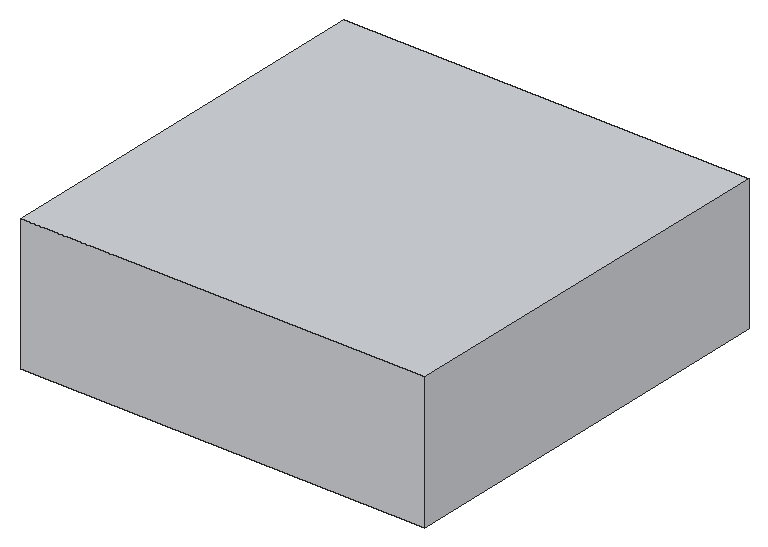
Revit family "Averaging Temperature Sensor", category Mechanical Control Devices, host Face, Revit 2025
Family settings
  Host = Face
  Round Connector Dimension = Use Diameter
  Part Type = Normal
  Cut with Voids When Loaded = No
  Maintain Annotation Orientation = Yes
  Shared = No
  Room Calculation Point = No
Parameters (values of type "ATS (Ceiling Mounted)")
  Width = 3"
  Wall Mounted = no
  Rotate [instance] = yes
  Label = "ATS"
  Height = 3"
  Default Elevation = 48"
  Ceiling Mounted = yes
Types (2): name | Wall Mounted | Rotate | Ceiling Mounted
  ATS (Wall Mounted) | yes | no | no
  ATS (Ceiling Mounted) | no | yes | yes
Reference planes (in)
  plane 1 "Center (Front/Back)": y = 0
  plane 2: z = 0
  plane 3 "Center (Left/Right)": x = 0
  plane 4: z = 1
Forms (in)
  Extrusion 1, solid
    sketch origin (0, 0, 0) x (1, 0, 0) y (0, 1, 0)
      loop
        line (-1.5, 1.5) -> (-1.5, -1.5) -> (1.5, -1.5) -> (1.5, 1.5) -> (-1.5, 1.5)
    from 0 to 1
Dimensions and locks (in)
  equal spacing: Extrusion 1 sketch curve, plane 3 "Center (Left/Right)", Extrusion 1 sketch curve
  equal spacing: Extrusion 1 sketch curve, plane 1 "Center (Front/Back)", Extrusion 1 sketch curve
  "Height": Extrusion 1 sketch curve to Extrusion 1 sketch curve
  "Width": Extrusion 1 sketch curve to Extrusion 1 sketch curve
  plane 4 to plane 2 = 1"
  aligned and locked: plane 2 to host face
  aligned and locked: level to host face
  aligned and locked: plane 4 to Extrusion 1
Automatic sketch dimensions
  host sketch curve to host sketch curve = 96"  (x2)
Nested families (in)
  nested 1: "Wall Symbol" at (0, 0, 0), visible <- "Wall Mounted", type "Standard"
  nested 2: "Symbol" at (0, 0, 0), visible <- "Ceiling Mounted", type "Standard"
Definition of nested family "Wall Symbol"
  Parameters (values of type "Standard")
    Rotate = yes
    Not Rotate = not(Rotate)  # no
    Label = "ATS"
  Reference planes (in)
    plane 1: y = 0
    plane 2: x = 0
  Lines and regions (in)
    detail lines
      curve 1: circle (0, 0.125, 0) r 0.125 normal (0, 0, 1)
  Text (in)
    label "ATS" at (0.00258, 0.12377, 0), shows "Label", visible <- "Not Rotate"
    label "ATS" at (0.00258, 0.12377, 0), shows "Label", visible <- "Rotate"
Definition of nested family "Symbol"
  Parameters (values of type "Standard")
    Rotate = yes
    Not Rotate = not(Rotate)  # no
    Label = "ATS"
  Reference planes (in)
    plane 1: y = 0
    plane 2: x = 0
  Lines and regions (in)
    detail lines
      curve 1: circle (0, 0, 0) r 0.125 normal (0, 0, 1)
  Text (in)
    label "ATS" at (0.00258, -0.00123, 0), shows "Label", visible <- "Not Rotate"
    label "ATS" at (0.00258, -0.00123, 0), shows "Label", visible <- "Rotate"
